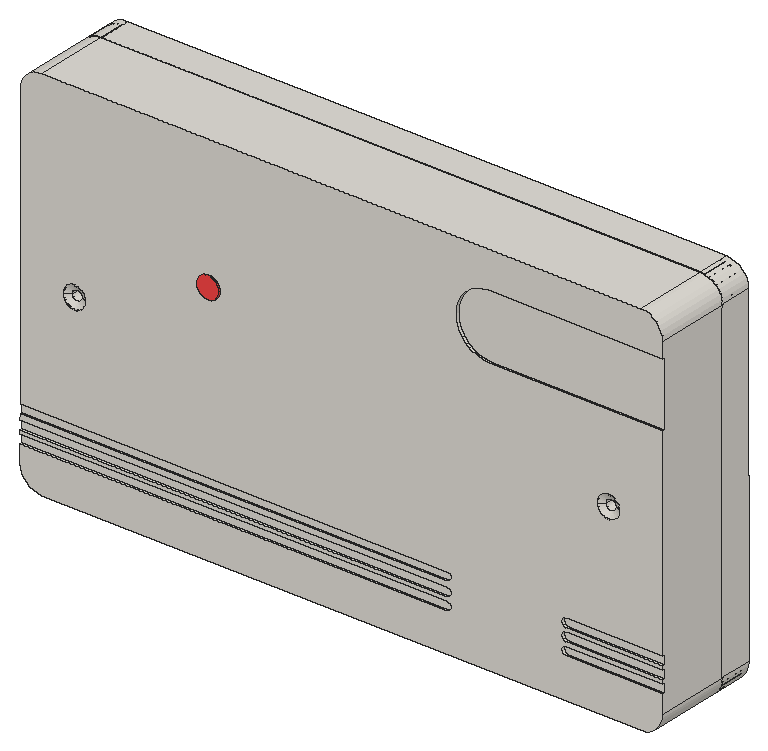
Revit family "TYCO-FPP-Zettler-SIO800 Single inputoutput module", category Electrical Fixtures, Revit 2014
Parameters (values of type "TYCO-FPP-Zettler-SIO800 Single inputoutput module")
  Wire Size = "Min 1.5mm2"
  Width = 85 mm  # constant formula
  Voltage = "2A @ 24V dc"
  URL = "https://tycosafetyproducts-anz.com/public/Datasheet/17a03sio.pdf"
  Type Comments = "SIO800 can switch up to 2A @ 24V dc"
  Storage Temperature = "-40o to +80oC"
  Standby current = "0.3mA"
  Rear cover = yes
  PCB = PCB
  Operating Temperature = "-25o to +70oC"
  Operating Humidity = "Up to 95% non condensing"
  Model = "Zettler- 555.800.063"
  Manufacturer = "Tyco"
  Length = 65 mm  # constant formula
  Keynote = "It consists of an input for monitoring\r\nthe status of a normally open contact and a single\r\nchangeover relay contact."
  Front cover = yes
  EOL = "3k3"
  Description = "The SIO800 Single Input/Output Module is designed\r\nto provide a monitored input and a volt free relay\r\nchangeover output."
  Alarm resistor = "680Ω"
  Alarm current = "3mA"
Reference planes
  plane 1 "Center (Front/Back)": y = 0
  plane 2: z = 0
  plane 3 "Center (Left/Right)": x = 0
  plane 4: z = -32.5
  plane 5: z = 32.5
  plane 6: x = -42.5
  plane 7: x = 42.5
Forms (mm)
  Extrusion 1, solid, material "PCB" <- "PCB", detail levels fine
    sketch origin (0, 0, 0) x (1, 0, 0) y (0, 0, 1)
      loop
        line (-42.5, 32.5) -> (-42.5, -32.5) -> (42.5, -32.5) -> (42.5, 32.5) -> (-42.5, 32.5)
      loop
        circle (22.367, 15.508) r 2.763
      loop
        circle (22.367, -15.508) r 2.763
      loop
        circle (-22.367, 15.508) r 2.763
      loop
        circle (-22.367, -15.508) r 2.763
      loop
        circle (38.77, 28.824) r 1.191
      loop
        circle (38.77, -28.824) r 1.191
      loop
        circle (-38.77, 14.969) r 1.191
      loop
        circle (-38.77, -28.824) r 1.191
    from 0 to -0.44
  Extrusion 2, solid, material "STT", detail levels fine
    sketch origin (-42.5, 0, 29.721) x (0, 0, 1) y (0, 1, 0)
      loop
        line (1.87, 0) -> (-7.694, 0) -> (-7.694, -1.923) -> (-5.216, -4.401) -> (-0.129, -4.401) -> (1.87, -1.546) -> (1.87, 0)
    from -16.201 to -37.325
  Extrusion 3, solid, material "ST", detail levels fine
    sketch origin (-42.5, -0.079, 22.028) x (-1, 0, 0) y (0, 1, 0)
      loop
        line (-16.694, -1.68) -> (-19.96, -1.68) -> (-19.96, -3.885) -> (-16.694, -3.885) -> (-16.694, -1.68)
      loop
        line (-22.286, -1.68) -> (-25.551, -1.68) -> (-25.551, -3.885) -> (-22.286, -3.885) -> (-22.286, -1.68)
      loop
        line (-27.744, -1.68) -> (-31.009, -1.68) -> (-31.009, -3.885) -> (-27.744, -3.885) -> (-27.744, -1.68)
      loop
        line (-33.335, -1.68) -> (-36.601, -1.68) -> (-36.601, -3.885) -> (-33.335, -3.885) -> (-33.335, -1.68)
    from -2.477 to -0.508
  Extrusion 4, solid, material "ST", detail levels fine
    sketch origin (-42.5, -4.307, 29.658) x (0, 0.819152, 0.573576) y (-1, 0, 0)
      loop
        circle (1.861, -18.018) r 1.302
      loop
        circle (1.861, -23.761) r 1.302
      loop
        circle (1.861, -29.154) r 1.302
      loop
        circle (1.861, -35.027) r 1.302
    from -0.394 to 0.404
  Extrusion 5, solid, material "STT", detail levels fine
    sketch origin (0, 0, 0) x (0, 1, 0) y (0, 0, 1)
      loop
        line (0, 31.591) -> (-1.546, 31.591) -> (-4.401, 29.592) -> (-4.401, 24.505) -> (-1.923, 22.028) -> (0, 22.028) -> (0, 31.591)
    from 5.187 to 31.11
  Extrusion 6, solid, material "ST", detail levels fine
    sketch origin (0, -0.079, 22.028) x (-1, 0, 0) y (0, 1, 0)
      loop
        line (-5.736, -3.959) -> (-5.736, -1.845) -> (-9.725, -1.845) -> (-9.725, -3.959) -> (-5.736, -3.959)
      loop
        line (-10.736, -3.959) -> (-10.736, -1.845) -> (-14.725, -1.845) -> (-14.725, -3.959) -> (-10.736, -3.959)
      loop
        line (-15.736, -3.959) -> (-15.736, -1.845) -> (-19.725, -1.845) -> (-19.725, -3.959) -> (-15.736, -3.959)
      loop
        line (-21.225, -3.959) -> (-21.225, -1.845) -> (-25.214, -1.845) -> (-25.214, -3.959) -> (-21.225, -3.959)
      loop
        line (-26.225, -3.959) -> (-26.225, -1.845) -> (-30.214, -1.845) -> (-30.214, -3.959) -> (-26.225, -3.959)
    from -0.508 to -2.477
  Extrusion 7, solid, material "ST", detail levels fine
    sketch origin (0, -4.307, 29.658) x (0, 0.819152, 0.573576) y (-1, 0, 0)
      loop
        circle (1.843, -7.363) r 1.329
      loop
        circle (1.843, -12.642) r 1.329
      loop
        circle (1.843, -17.475) r 1.329
      loop
        circle (1.843, -23.019) r 1.329
      loop
        circle (1.843, -28.019) r 1.329
    from -0.633 to 0.682
  Extrusion 8, solid, material "RS", detail levels fine
    sketch origin (0, 0, 0) x (1, 0, 0) y (0, 0, 1)
      loop
        line (31.11, -10.958) -> (41.323, -10.958) -> (41.323, 9.042) -> (31.11, 9.042) -> (31.11, -10.958)
    from 0 to 3.416
  Extrusion 9, solid, material "RSS", detail levels fine
    sketch origin (0, 0, 0) x (1, 0, 0) y (0, 0, 1)
      loop
        circle (37.542, -14.868) r 3
    from 0 to 9.022
  Extrusion 10, solid, detail levels fine
    sketch origin (0, -9.022, 0) x (1, 0, 0) y (0, 0, 1)
      loop
        circle (37.517, -14.913) r 1.751
    from -0.839 to 0.016
  Extrusion 11, solid, material "RSS", detail levels fine
    sketch origin (0, 0, 0) x (1, 0, 0) y (0, 0, 1)
      loop
        arc (-3.323, 19.552) -> (-3.677, 19.406) -> (-3.823, 19.052) r 0.5
        line (-3.823, 19.052) -> (-3.823, 14.143)
        arc (-3.823, 14.143) -> (-3.677, 13.79) -> (-3.323, 13.643) r 0.5
        line (-3.323, 13.643) -> (6.181, 13.643)
        arc (6.181, 13.643) -> (6.535, 13.79) -> (6.681, 14.143) r 0.5
        line (6.681, 14.143) -> (6.681, 19.052)
        arc (6.681, 19.052) -> (6.535, 19.406) -> (6.181, 19.552) r 0.5
        line (6.181, 19.552) -> (-3.323, 19.552)
    from 0 to 2.789
  Extrusion 12, solid, material "RSS", detail levels fine
    sketch origin (0, 0, 0) x (1, 0, 0) y (0, 0, 1)
      loop
        line (-3.311, 19.552) -> (6.069, 19.552) -> (6.069, 20.352)
        arc (6.069, 20.352) -> (5.453, 20.642) -> (4.837, 20.352) r 0.799
        line (4.837, 20.352) -> (4.031, 20.352)
        arc (4.031, 20.352) -> (3.416, 20.642) -> (2.8, 20.352) r 0.799
        line (2.8, 20.352) -> (1.994, 20.352)
        arc (1.994, 20.352) -> (1.379, 20.642) -> (0.763, 20.352) r 0.799
        line (0.763, 20.352) -> (-0.043, 20.352)
        arc (-0.043, 20.352) -> (-0.658, 20.642) -> (-1.274, 20.352) r 0.799
        line (-1.274, 20.352) -> (-2.08, 20.352)
        arc (-2.08, 20.352) -> (-2.696, 20.642) -> (-3.311, 20.352) r 0.799
        line (-3.311, 20.352) -> (-3.311, 19.552)
      loop
        line (-3.311, 13.643) -> (-3.311, 12.843)
        arc (-3.311, 12.843) -> (-2.696, 12.554) -> (-2.08, 12.843) r 0.799
        line (-2.08, 12.843) -> (-1.274, 12.843)
        arc (-1.274, 12.843) -> (-0.658, 12.554) -> (-0.043, 12.843) r 0.799
        line (-0.043, 12.843) -> (0.763, 12.843)
        arc (0.763, 12.843) -> (1.379, 12.554) -> (1.994, 12.843) r 0.799
        line (1.994, 12.843) -> (2.8, 12.843)
        arc (2.8, 12.843) -> (3.416, 12.554) -> (4.031, 12.843) r 0.799
        line (4.031, 12.843) -> (4.837, 12.843)
        arc (4.837, 12.843) -> (5.453, 12.554) -> (6.069, 12.843) r 0.799
        line (6.069, 12.843) -> (6.069, 13.643) -> (-3.311, 13.643)
    from 0 to 1.421
  Extrusion 13, solid, material "RED", detail levels fine
    sketch origin (0, 0, 0) x (1, 0, 0) y (0, 0, 1)
      loop
        circle (0, -20.503) r 1.426
    from 0 to 0.241
Cuts and joins
  joined: Extrusion 3, Extrusion 4, Extrusion 6, Extrusion 7
  joined: Extrusion 2, Extrusion 5
  joined: Extrusion 9, Extrusion 11
Lines and regions (mm)
  model lines, detail levels fine
    curve 1: line (32.075, 0, 24.143) -> (35.021, 0, 21.196)
    curve 2: line (35.021, 0, 21.196) -> (35.021, 0, 9.559)
    curve 3: line (32.493, 0, 24.573) -> (35.621, 0, 21.445)
    curve 4: line (35.621, 0, 21.445) -> (35.621, 0, 9.559)
    curve 5: line (17.183, 0, 19.719) -> (17.183, 0, 15.494)
    curve 6: line (17.183, 0, 15.494) -> (11.247, 0, 9.559)
    curve 7: line (11.247, 0, 9.559) -> (11.247, 0, -9.315)
    curve 8: line (11.247, 0, -9.315) -> (6.957, 0, -13.606)
    curve 9: line (6.957, 0, -13.606) -> (6.957, 0, -21.912)
    curve 10: line (16.583, 0, 19.719) -> (16.583, 0, 15.743)
    curve 11: line (16.583, 0, 15.743) -> (10.647, 0, 9.807)
    curve 12: line (10.647, 0, 9.807) -> (10.647, 0, -9.066)
    curve 13: line (10.647, 0, -9.066) -> (6.357, 0, -13.357)
    curve 14: line (6.357, 0, -13.357) -> (6.357, 0, -21.912)
    curve 15: line (12.78, 0, 16.417) -> (6.357, 0, 9.994)
    curve 16: line (6.357, 0, 9.994) -> (6.357, 0, -7.302)
    curve 17: line (6.357, 0, -7.302) -> (2.821, 0, -10.838)
    curve 18: line (2.821, 0, -10.838) -> (-4.842, 0, -10.838)
    curve 19: line (12.317, 0, 16.803) -> (5.757, 0, 10.243)
    curve 20: line (5.757, 0, 10.243) -> (5.757, 0, -7.054)
    curve 21: line (5.757, 0, -7.054) -> (2.573, 0, -10.238)
    curve 22: line (2.573, 0, -10.238) -> (-4.842, 0, -10.238)
    curve 23: line (8.888, 0, 2.063) -> (8.888, 0, -8.565)
    curve 24: line (8.888, 0, -8.565) -> (1.228, 0, -14.993)
    curve 25: line (1.228, 0, -14.993) -> (-11.555, 0, -14.993)
    curve 26: line (8.288, 0, 2.063) -> (8.288, 0, -8.285)
    curve 27: line (8.288, 0, -8.285) -> (1.01, 0, -14.393)
    curve 28: line (1.01, 0, -14.393) -> (-11.555, 0, -14.393)
    curve 29: line (-36.718, 0, 9.559) -> (-31.263, 0, 4.103)
    curve 30: line (-31.263, 0, 4.103) -> (-13.236, 0, 4.103)
    curve 31: line (-13.236, 0, 4.103) -> (-13.236, 0, -5.897)
    curve 32: line (-36.294, 0, 9.983) -> (-31.014, 0, 4.703)
    curve 33: line (-31.014, 0, 4.703) -> (-12.636, 0, 4.703)
    curve 34: line (-12.636, 0, 4.703) -> (-12.636, 0, -5.897)
    curve 35: line (-38.236, 0, 4.103) -> (-32.649, 0, -1.484)
    curve 36: line (-32.649, 0, -1.484) -> (-32.649, 0, -16.484)
    curve 37: line (-37.812, 0, 4.528) -> (-32.049, 0, -1.235)
    curve 38: line (-32.049, 0, -1.235) -> (-32.049, 0, -16.484)
    curve 39: line (-35.746, 0, -5.897) -> (-35.746, 0, -20.897)
    curve 40: line (-35.746, 0, -20.897) -> (-32.049, 0, -24.594)
    curve 41: line (-32.049, 0, -24.594) -> (-23.754, 0, -24.594)
    curve 42: line (-35.146, 0, -5.897) -> (-35.146, 0, -20.648)
    curve 43: line (-35.146, 0, -20.648) -> (-31.8, 0, -23.994)
    curve 44: line (-31.8, 0, -23.994) -> (-23.701, 0, -23.994)
    curve 45: circle (-36.744, 0, 10.159) r 0.781 normal (0, -1, 0)
    curve 46: circle (-38.385, 0, 4.832) r 0.877 normal (0, -1, 0)
    curve 47: circle (-12.898, 0, -6.876) r 0.885 normal (0, -1, 0)
    curve 48: circle (-35.462, 0, -5.542) r 0.787 normal (0, -1, 0)
    curve 49: circle (-22.916, 0, -24.246) r 0.824 normal (0, -1, 0)
    curve 50: circle (-32.36, 0, -17.092) r 0.824 normal (0, -1, 0)
    curve 51: circle (-12.549, 0, -14.64) r 0.862 normal (0, -1, 0)
    curve 52: circle (-5.489, 0, -10.531) r 0.915 normal (0, -1, 0)
    curve 53: line (6.061, 0, -23.589) -> (7.327, 0, -23.589)
    curve 54: line (6.061, 0, -21.912) -> (6.061, 0, -23.589)
    curve 55: line (7.327, 0, -21.912) -> (6.061, 0, -21.912)
    curve 56: line (7.327, 0, -23.589) -> (7.327, 0, -21.912)
    curve 57: line (8.288, 0, 3.426) -> (9.451, 0, 3.426)
    curve 58: line (8.288, 0, 2.063) -> (8.288, 0, 3.426)
    curve 59: line (9.451, 0, 2.063) -> (8.288, 0, 2.063)
    curve 60: line (9.451, 0, 3.426) -> (9.451, 0, 2.063)
    curve 61: line (16.583, 0, 20.763) -> (17.438, 0, 20.763)
    curve 62: line (16.583, 0, 19.719) -> (16.583, 0, 20.763)
    curve 63: line (17.438, 0, 19.719) -> (16.583, 0, 19.719)
    curve 64: line (17.438, 0, 20.763) -> (17.438, 0, 19.719)
    curve 65: line (12.317, 0, 16.417) -> (13.641, 0, 16.417)
    curve 66: line (12.317, 0, 17.546) -> (12.317, 0, 16.417)
    curve 67: line (13.641, 0, 17.546) -> (12.317, 0, 17.546)
    curve 68: line (13.641, 0, 16.417) -> (13.641, 0, 17.546)
    curve 69: line (32.493, 0, 24.143) -> (31.618, 0, 24.143)
    curve 70: line (32.493, 0, 26.421) -> (32.493, 0, 24.143)
    curve 71: line (31.618, 0, 26.421) -> (32.493, 0, 26.421)
    curve 72: line (31.618, 0, 24.143) -> (31.618, 0, 26.421)
    curve 73: line (34.678, 0, 9.042) -> (36.228, 0, 9.042)
    curve 74: line (34.678, 0, 9.933) -> (34.678, 0, 9.042)
    curve 75: line (36.228, 0, 9.933) -> (34.678, 0, 9.933)
    curve 76: line (36.228, 0, 9.042) -> (36.228, 0, 9.933)
  model lines, detail levels coarse+medium
    curve 77: line (-42.5, 0, 32.5) -> (42.5, 0, 32.5)
    curve 78: line (-42.5, 0, -32.5) -> (-42.5, 0, 32.5)
    curve 79: line (42.5, 0, -32.5) -> (-42.5, 0, -32.5)
    curve 80: line (42.5, 0, 32.5) -> (42.5, 0, -32.5)
Dimensions and locks
  equal spacing: plane 5, plane 2, plane 4
  "Length": plane 5 to plane 4
  equal spacing: plane 7, plane 3 "Center (Left/Right)", plane 6
  "Width": plane 7 to plane 6
  aligned and locked: level to plane 2
  aligned and locked: plane 5 to Extrusion 1 sketch curve
  aligned and locked: plane 6 to Extrusion 1 sketch curve
  aligned and locked: plane 4 to Extrusion 1 sketch curve
  aligned and locked: Extrusion 1 sketch curve to plane 7
  aligned and locked: Extrusion 8 to plane 1 "Center (Front/Back)"
  aligned and locked: Extrusion 9 to plane 1 "Center (Front/Back)"
  aligned and locked: Extrusion 11 to plane 1 "Center (Front/Back)"
  aligned and locked: plane 5 to curve 77
  aligned and locked: curve 80 to plane 7
  aligned and locked: plane 4 to curve 79
  aligned and locked: plane 6 to curve 78
  aligned and locked: plane 1 "Center (Front/Back)" to nested 1
  aligned and locked: plane 3 "Center (Left/Right)" to nested 1
  aligned and locked: plane 2 to nested 1
  aligned and locked: nested 2 to Extrusion 1
  aligned and locked: plane 3 "Center (Left/Right)" to nested 2
  aligned and locked: plane 2 to nested 2
Automatic sketch dimensions
  plane 6 to Extrusion 1 sketch curve = 3.73 mm  (x2)
  plane 6 to Extrusion 1 sketch curve = 20.133 mm  (x2)
  Extrusion 1 sketch curve to plane 7 = 20.133 mm  (x2)
  Extrusion 1 sketch curve to plane 7 = 3.73 mm  (x2)
  plane 4 to Extrusion 1 sketch curve = 3.676 mm  (x2)
  Extrusion 1 sketch curve to level = 15.508 mm  (x2)
  level to Extrusion 1 sketch curve = 15.508 mm  (x2)
  plane 5 to Extrusion 1 sketch curve = 3.676 mm
  plane 5 to Extrusion 1 sketch curve = 17.531 mm
  Extrusion 2 sketch curve to Extrusion 1 = 0 mm
  Extrusion 1 to Extrusion 2 sketch curve = 10.472 mm
  Extrusion 2 sketch curve to Extrusion 2 sketch curve = 2.477 mm  (x2)
  Extrusion 1 to Extrusion 2 sketch curve = 2.908 mm
  Extrusion 1 to Extrusion 2 sketch curve = 0.909 mm
  Extrusion 2 sketch curve to Extrusion 1 = 1.546 mm
  Extrusion 2 sketch curve to Extrusion 1 = 1.923 mm
  Extrusion 2 to Extrusion 3 sketch curve = 0.165 mm  (x4)
  Extrusion 3 sketch curve to Extrusion 2 = 0.724 mm
  Extrusion 3 sketch curve to Extrusion 3 sketch curve = 3.266 mm  (x3)
  Extrusion 3 sketch curve to Extrusion 3 sketch curve = 2.326 mm  (x2)
  Extrusion 3 sketch curve to Extrusion 3 sketch curve = 2.192 mm
  Extrusion 3 sketch curve to Extrusion 2 = 0.493 mm
  Extrusion 3 sketch curve to Extrusion 2 = 2.04 mm  (x4)
  Extrusion 4 sketch curve to Extrusion 2 = 1.51 mm  (x4)
  Extrusion 2 to Extrusion 4 sketch curve = 2.298 mm
  Extrusion 4 sketch curve to Extrusion 4 sketch curve = 5.873 mm
  Extrusion 4 sketch curve to Extrusion 4 sketch curve = 5.393 mm
  Extrusion 2 to Extrusion 4 sketch curve = 1.817 mm
  Extrusion 5 sketch curve to plane 1 "Center (Front/Back)" = 0 mm
  plane 1 "Center (Front/Back)" to Extrusion 5 sketch curve = 1.546 mm
  plane 1 "Center (Front/Back)" to Extrusion 5 sketch curve = 1.923 mm
  Extrusion 5 sketch curve to Extrusion 5 sketch curve = 2.477 mm  (x2)
  plane 5 to Extrusion 5 sketch curve = 10.472 mm
  plane 5 to Extrusion 5 sketch curve = 2.908 mm
  plane 5 to Extrusion 5 sketch curve = 0.909 mm
  Extrusion 5 to Extrusion 6 sketch curve = 0 mm  (x5)
  Extrusion 6 sketch curve to Extrusion 5 = 0.896 mm
  Extrusion 6 sketch curve to Extrusion 6 sketch curve = 3.989 mm  (x4)
  Extrusion 6 sketch curve to Extrusion 6 sketch curve = 1.011 mm  (x3)
  Extrusion 6 sketch curve to Extrusion 6 sketch curve = 1.499 mm
  Extrusion 6 sketch curve to Extrusion 5 = 0.549 mm
  Extrusion 6 sketch curve to Extrusion 6 sketch curve = 2.115 mm
  Extrusion 6 sketch curve to Extrusion 6 sketch curve = 0 mm  (x4)
  Extrusion 5 to Extrusion 7 sketch curve = 1.528 mm  (x5)
  Extrusion 5 to Extrusion 7 sketch curve = 3.091 mm
  Extrusion 7 sketch curve to Extrusion 7 sketch curve = 5 mm
  Extrusion 7 sketch curve to Extrusion 7 sketch curve = 5.544 mm
  Extrusion 7 sketch curve to Extrusion 7 sketch curve = 4.834 mm
  Extrusion 5 to Extrusion 7 sketch curve = 2.177 mm
  Extrusion 8 sketch curve to Extrusion 1 = 11.39 mm
  Extrusion 8 sketch curve to Extrusion 1 = 1.177 mm
  Extrusion 8 sketch curve to Extrusion 1 = 21.542 mm
  Extrusion 8 sketch curve to Extrusion 8 sketch curve = 20 mm
  Extrusion 9 sketch curve to Extrusion 1 = 4.958 mm
  Extrusion 9 sketch curve to Extrusion 1 = 17.632 mm
  Extrusion 11 sketch curve to plane 3 "Center (Left/Right)" = 3.823 mm
  Extrusion 11 sketch curve to Extrusion 11 sketch curve = 0.5 mm  (x3)
  plane 3 "Center (Left/Right)" to Extrusion 11 sketch curve = 6.181 mm
  Extrusion 11 sketch curve to Extrusion 11 sketch curve = 0 mm
  level to Extrusion 11 sketch curve = 13.643 mm
  Extrusion 11 sketch curve to Extrusion 11 sketch curve = 4.909 mm
  Extrusion 12 sketch curve to Extrusion 1 = 12.148 mm
  Extrusion 12 sketch curve to Extrusion 1 = 39.189 mm
  Extrusion 12 sketch curve to Extrusion 12 sketch curve = 0 mm  (x4)
  Extrusion 12 sketch curve to Extrusion 12 sketch curve = 0.616 mm  (x20)
  Extrusion 12 sketch curve to Extrusion 12 sketch curve = 0.805 mm  (x8)
  Extrusion 12 sketch curve to Extrusion 12 sketch curve = 0.509 mm  (x6)
  Extrusion 12 sketch curve to Extrusion 12 sketch curve = 0.291 mm  (x3)
  Extrusion 12 sketch curve to Extrusion 12 sketch curve = 5.909 mm
  Extrusion 13 sketch curve to Extrusion 1 = 11.997 mm
  Extrusion 13 sketch curve to Extrusion 1 = 42.5 mm
  plane 6 to curve 46 = 4.115 mm
  curve 46 to curve 45 = 1.64 mm
  plane 6 to curve 39 = 6.754 mm
  curve 39 to curve 48 = 0.284 mm
  curve 39 to curve 42 = 0.6 mm
  curve 35 to level = 1.484 mm
  curve 48 to curve 35 = 2.814 mm
  curve 36 to curve 50 = 0.288 mm
  curve 42 to curve 40 = 3.097 mm
  curve 35 to curve 38 = 0.6 mm
  curve 40 to curve 43 = 0.249 mm
  curve 37 to curve 30 = 0.786 mm
  curve 29 to curve 33 = 0.249 mm
  curve 43 to curve 49 = 8.884 mm
  level to curve 30 = 4.103 mm
  curve 30 to plane 3 "Center (Left/Right)" = 13.236 mm
  curve 31 to curve 47 = 0.337 mm
  curve 30 to curve 34 = 0.6 mm
  curve 47 to curve 51 = 0.349 mm
  curve 52 to plane 3 "Center (Left/Right)" = 5.489 mm
  plane 3 "Center (Left/Right)" to curve 27 = 1.01 mm
  curve 27 to curve 24 = 0.218 mm
  plane 3 "Center (Left/Right)" to curve 21 = 2.573 mm
  curve 21 to curve 18 = 0.249 mm
  plane 3 "Center (Left/Right)" to curve 19 = 5.757 mm
  plane 3 "Center (Left/Right)" to curve 55 = 6.061 mm
  curve 17 to curve 14 = 3.536 mm
  curve 20 to curve 16 = 0.6 mm
  curve 13 to curve 9 = 0.6 mm
  curve 9 to curve 55 = 0.37 mm
  curve 15 to curve 58 = 1.932 mm
  curve 26 to curve 23 = 0.6 mm
  curve 57 to curve 57 = 1.162 mm
  curve 23 to curve 12 = 1.759 mm
  curve 11 to curve 7 = 0.6 mm
  curve 11 to curve 67 = 1.669 mm
  curve 65 to curve 68 = 1.324 mm
  curve 65 to curve 10 = 2.942 mm
  curve 10 to curve 6 = 0.6 mm
  curve 5 to curve 64 = 0.255 mm
  curve 72 to plane 7 = 10.882 mm
  curve 71 to curve 70 = 0.875 mm
  curve 75 to plane 7 = 7.822 mm
  curve 69 to curve 2 = 2.528 mm
  curve 1 to curve 3 = 0.6 mm
  curve 4 to curve 76 = 0.606 mm
  curve 48 to curve 35 = 4.058 mm
  curve 47 to level = 6.876 mm
  curve 21 to level = 7.054 mm
  curve 16 to curve 20 = 0.249 mm
  curve 26 to curve 16 = 0.983 mm
  curve 24 to curve 26 = 0.28 mm
  curve 13 to curve 23 = 0.501 mm
  curve 8 to curve 12 = 0.249 mm
  curve 21 to curve 20 = 3.184 mm
  curve 52 to curve 22 = 0.293 mm
  curve 18 to curve 21 = 0.6 mm
  curve 14 to curve 17 = 2.519 mm
  curve 9 to curve 13 = 0.249 mm
  curve 27 to curve 17 = 3.555 mm
  curve 51 to curve 28 = 0.247 mm
  curve 24 to curve 27 = 0.6 mm
  curve 50 to curve 48 = 11.551 mm
  curve 43 to curve 50 = 3.556 mm
  curve 39 to curve 42 = 0.249 mm
  curve 55 to curve 8 = 8.306 mm
  curve 53 to curve 55 = 1.677 mm
  curve 44 to curve 42 = 3.346 mm
  curve 49 to curve 44 = 0.252 mm
  curve 40 to curve 43 = 0.6 mm
  curve 35 to curve 38 = 0.249 mm
  level to curve 59 = 2.063 mm
  curve 26 to curve 58 = 1.363 mm
  curve 30 to curve 33 = 0.6 mm
  level to curve 46 = 4.832 mm
  level to curve 76 = 9.042 mm
  curve 57 to curve 7 = 6.133 mm
  curve 6 to curve 12 = 0.249 mm
  curve 73 to curve 74 = 0.891 mm
  curve 11 to curve 16 = 0.187 mm
  curve 46 to curve 45 = 5.327 mm
  curve 15 to curve 19 = 0.249 mm
  curve 6 to curve 6 = 5.936 mm
  curve 5 to curve 10 = 0.249 mm
  curve 10 to curve 68 = 0.675 mm
  curve 65 to curve 67 = 1.129 mm
  curve 10 to curve 63 = 3.976 mm
  curve 10 to curve 61 = 1.044 mm
  curve 74 to curve 1 = 11.263 mm
  curve 1 to curve 3 = 0.249 mm
  curve 1 to curve 72 = 2.947 mm
  curve 69 to curve 70 = 2.278 mm
  curve 46 to curve 35 = 0.149 mm
  curve 35 to curve 37 = 0.424 mm  (x2)
  curve 45 to curve 29 = 0.026 mm
  curve 45 to curve 32 = 0.45 mm
  curve 41 to curve 49 = 0.838 mm
  curve 41 to curve 44 = 0.053 mm
  curve 51 to curve 28 = 0.994 mm
  curve 28 to curve 25 = 0 mm
  curve 52 to curve 18 = 0.647 mm
  curve 22 to curve 18 = 0 mm
  curve 65 to curve 15 = 0.463 mm
  curve 1 to curve 69 = 0.418 mm
  curve 47 to curve 34 = 0.979 mm
  curve 31 to curve 34 = 0 mm
  curve 39 to curve 48 = 0.355 mm
  curve 42 to curve 48 = 0.355 mm
  curve 50 to curve 36 = 0.608 mm
  curve 38 to curve 36 = 0 mm
  curve 35 to curve 46 = 0.729 mm
  curve 2 to curve 74 = 0.374 mm
  curve 29 to curve 45 = 0.601 mm
  curve 4 to curve 2 = 0 mm
  curve 32 to curve 45 = 0.176 mm
  curve 65 to curve 19 = 0.385 mm
  curve 69 to curve 3 = 0.43 mm
  radius of Extrusion 1 sketch curve = 2.763 mm  (x4)
  radius of Extrusion 1 sketch curve = 1.191 mm  (x4)
  radius of Extrusion 4 sketch curve = 1.302 mm  (x4)
  radius of Extrusion 7 sketch curve = 1.329 mm  (x5)
  radius of Extrusion 9 sketch curve = 3 mm
  radius of Extrusion 10 sketch curve = 1.751 mm
  radius of Extrusion 13 sketch curve = 1.426 mm
  radius of curve 45 = 0.781 mm
  radius of curve 46 = 0.877 mm
  radius of curve 47 = 0.885 mm
  radius of curve 48 = 0.787 mm
  radius of curve 50 = 0.824 mm
  radius of curve 51 = 0.862 mm
  radius of curve 52 = 0.915 mm
Nested families
  nested 1: "517.035.007" at (0, 0, 0), visible <- "Front cover", type "517.035.007 cover", detail levels fine
    with Front Cover yes
  nested 2: "517.035.010 rear cover" at (0, -5.925, -7.5), visible <- "Rear cover", type "517.035.010 back box", detail levels fine
    with Rear cover yes
Connectors
  electrical at (0, 0.44, 0)
    settings: on Extrusion 1, index 1, voltage 24 V, apparent load 0 VA, apparent load phase1 0 VA, apparent load phase2 0 VA, apparent load phase3 0 VA, power factor 1, load classification "Other", number of poles 1, system type 31, power factor state 1, is connector primary yes, connector utility no, sub classification motor no, connector description ""
Definition of nested family "517.035.007"
  Parameters (values of type "517.035.007 cover")
    X = 2 mm
    W = 148 mm
    Type Comments = "M520 Ancillary cover for use with 800 series modules.\r\nWill fit onto a MK style double gang back box."
    Model = "517.035.007"
    Material = Cover
    Manufacturer = "Tyco"
    L = 87 mm
    Front Cover [instance] = yes
    Description = "M520 Ancillary Cover"
    D = 23 mm
  Reference planes
    plane 1 "Center (Front/Back)": y = 0
    plane 2: z = 0
    plane 3 "Center (Left/Right)": x = 0
    plane 4: x = -74
    plane 5: x = 74
    plane 6: x = 61.5
    plane 7: z = 43.5
    plane 8: z = -43.5
    plane 9: y = -23
  Forms (mm)
    Extrusion 1, solid, material "Cover" <- "Material", visible <- "Front Cover", detail levels fine
      sketch origin (0, -23.027, 0) x (1, 0, 0) y (0, 0, 1)
        loop
          arc (-69, 43.5) -> (-72.536, 42.036) -> (-74, 38.5) r 5
          line (-74, 38.5) -> (-74, -38.5)
          arc (-74, -38.5) -> (-72.536, -42.036) -> (-69, -43.5) r 5
          line (-69, -43.5) -> (69, -43.5)
          arc (69, -43.5) -> (72.536, -42.036) -> (74, -38.5) r 5
          line (74, -38.5) -> (74, 38.5)
          arc (74, 38.5) -> (72.536, 42.036) -> (69, 43.5) r 5
          line (69, 43.5) -> (-69, 43.5)
      from -23 to 0
    Extrusion 2, void
      sketch origin (0, -23.027, 0) x (-1, 0, 0) y (0, 0, 1)
        loop
          line (74, -26.396) -> (-24.324, -26.396)
          arc (-24.324, -26.396) -> (-25.324, -27.396) -> (-24.324, -28.396) r 1
          line (-24.324, -28.396) -> (74, -28.396) -> (74, -26.396)
        loop
          line (74, -29.671) -> (-24.324, -29.671)
          arc (-24.324, -29.671) -> (-25.324, -30.671) -> (-24.324, -31.671) r 1
          line (-24.324, -31.671) -> (74, -31.671) -> (74, -29.671)
        loop
          line (74, -32.583) -> (-24.324, -32.583)
          arc (-24.324, -32.583) -> (-25.324, -33.583) -> (-24.324, -34.583) r 1
          line (-24.324, -34.583) -> (74, -34.583) -> (74, -32.583)
        loop
          line (-51.834, -26.396) -> (-74, -26.396) -> (-74, -28.396) -> (-51.834, -28.396)
          arc (-51.834, -28.396) -> (-50.834, -27.396) -> (-51.834, -26.396) r 1
        loop
          line (-51.834, -29.305) -> (-74, -29.305) -> (-74, -31.305) -> (-51.834, -31.305)
          arc (-51.834, -31.305) -> (-50.834, -30.305) -> (-51.834, -29.305) r 1
        loop
          line (-51.834, -32.254) -> (-74, -32.254) -> (-74, -34.254) -> (-51.834, -34.254)
          arc (-51.834, -34.254) -> (-50.834, -33.254) -> (-51.834, -32.254) r 1
        loop
          line (-74, 34.995) -> (-74, 19.995) -> (-34, 19.995)
          arc (-34, 19.995) -> (-26.5, 27.495) -> (-34, 34.995) r 7.5
          line (-34, 34.995) -> (-74, 34.995)
      from 0 to 0.563
    Revolve 3, void
      sketch origin (0, -23.027, 0) x (0, -1, 0) y (1, 0, 0)
        loop
          line (-3.575, 61.5) -> (0, 61.5) -> (0, 64.045) -> (-0.836, 62.678) -> (-3.575, 62.678) -> (-3.575, 61.5)
        axis (-3.575, 61.5) -> (0, 61.5)
      angle from 0 to 360
    Extrusion 4, solid, material "LED RED", detail levels fine
      sketch origin (0, -23.027, 0) x (1, 0, 0) y (0, 0, 1)
        loop
          circle (-30.624, 12.978) r 2.558
      from -1.293 to 0.174
    Extrusion 5, void
      sketch origin (-94.576, -0.027, -4572) x (1, 0, 0) y (0, 0, -1)
        loop
          line (26.703, -4612.567) -> (162.316, -4612.567)
          arc (162.316, -4612.567) -> (164.664, -4611.594) -> (165.637, -4609.246) r 3.321
          line (165.637, -4609.246) -> (165.637, -4534.612)
          arc (165.637, -4534.612) -> (164.589, -4532.082) -> (162.058, -4531.033) r 3.578
          line (162.058, -4531.033) -> (27.05, -4531.033)
          arc (27.05, -4531.033) -> (24.499, -4532.09) -> (23.442, -4534.641) r 3.608
          line (23.442, -4534.641) -> (23.442, -4609.306)
          arc (23.442, -4609.306) -> (24.397, -4611.612) -> (26.703, -4612.567) r 3.261
      from 0 to -19.425
    Revolve 6, void
      sketch origin (0, -23.027, 0) x (0, 1, 0) y (-1, 0, 0)
        loop
          line (3.575, 61.5) -> (3.575, 62.678) -> (0.836, 62.678) -> (0, 64.045) -> (0, 61.5) -> (3.575, 61.5)
        axis (3.575, 61.5) -> (0, 61.5)
      angle from 0 to 360
  Cuts and joins
    Extrusion 2, Revolve 3, Extrusion 5, Revolve 6 cuts Extrusion 1
  Dimensions and locks
    equal spacing: plane 4, plane 3 "Center (Left/Right)", plane 5
    "W": plane 4 to plane 5
    locked: plane 5 to plane 6 at 12.5
    equal spacing: plane 7, level, plane 8
    "L": plane 7 to plane 8
    "D": plane 9 to plane 1 "Center (Front/Back)"
    aligned and locked: plane 2 to level
    aligned and locked: Extrusion 1 to Extrusion 5
    aligned and locked: Extrusion 1 sketch curve to plane 7
    aligned and locked: plane 4 to Extrusion 1 sketch curve
    aligned and locked: Extrusion 1 sketch curve to plane 8
    aligned and locked: Extrusion 1 to Extrusion 2
  Automatic sketch dimensions
    plane 5 to Extrusion 1 sketch curve = 0 mm
    plane 4 to Extrusion 1 sketch curve = 5 mm  (x2)
    plane 5 to Extrusion 1 sketch curve = 5 mm
    Extrusion 1 sketch curve to Extrusion 1 sketch curve = 5 mm
    plane 5 to Extrusion 2 sketch curve = 0 mm  (x4)
    Extrusion 2 sketch curve to plane 4 = 0 mm  (x3)
    Extrusion 2 sketch curve to plane 6 = 9.666 mm
    Extrusion 2 sketch curve to Extrusion 2 sketch curve = 0 mm  (x4)
    Extrusion 2 sketch curve to plane 6 = 27.5 mm
    Extrusion 2 sketch curve to plane 8 = 9.917 mm
    plane 3 "Center (Left/Right)" to Extrusion 2 sketch curve = 24.324 mm
    Extrusion 2 sketch curve to plane 8 = 9.246 mm
    Extrusion 2 sketch curve to plane 8 = 8.917 mm
    Extrusion 2 sketch curve to Extrusion 2 sketch curve = 1 mm  (x5)
    Extrusion 2 sketch curve to Extrusion 2 sketch curve = 0.912 mm
    Extrusion 2 sketch curve to Extrusion 2 sketch curve = 0.95 mm
    Extrusion 2 sketch curve to Extrusion 2 sketch curve = 0.908 mm
    Extrusion 2 sketch curve to Extrusion 2 sketch curve = 1.275 mm
    level to Extrusion 2 sketch curve = 19.995 mm
    Extrusion 2 sketch curve to Extrusion 2 sketch curve = 7.5 mm
    Revolve 3 sketch curve to plane 6 = 0 mm  (x2)
    plane 1 "Center (Front/Back)" to Revolve 3 sketch curve = 19.452 mm
    plane 6 to Revolve 3 sketch curve = 1.178 mm
    Revolve 3 sketch curve to Revolve 3 sketch curve = 2.739 mm
    plane 6 to Revolve 3 sketch curve = 2.545 mm
    Revolve 3 sketch curve to Revolve 3 sketch curve = 0.836 mm
    Revolve 3 sketch curve to Revolve 3 sketch curve = 0.558 mm
    Revolve 3 sketch curve to Revolve 3 sketch curve = 1.62 mm
    Extrusion 4 sketch curve to Extrusion 1 = 43.376 mm
    Extrusion 4 sketch curve to Extrusion 1 = 30.522 mm
    plane 4 to Extrusion 5 sketch curve = 2.867 mm
    Extrusion 5 sketch curve to plane 7 = 2.933 mm
    Extrusion 5 sketch curve to Extrusion 5 sketch curve = 3.261 mm
    Extrusion 5 sketch curve to plane 8 = 2.533 mm
    Extrusion 5 sketch curve to Extrusion 5 sketch curve = 3.608 mm
    plane 6 to Extrusion 5 sketch curve = 5.983 mm
    plane 6 to Extrusion 5 sketch curve = 6.24 mm
    plane 5 to Extrusion 5 sketch curve = 2.939 mm
    plane 1 "Center (Front/Back)" to Revolve 6 sketch curve = 23.027 mm
    Revolve 6 sketch curve to Revolve 6 sketch curve = 0.836 mm
    Revolve 6 sketch curve to Revolve 6 sketch curve = 2.739 mm
    plane 4 to Revolve 6 sketch curve = 12.5 mm
    Revolve 6 sketch curve to Revolve 6 sketch curve = 1.178 mm
    Revolve 6 sketch curve to Revolve 6 sketch curve = 1.367 mm
    Revolve 6 sketch curve to Revolve 6 sketch curve = 1.62 mm
    Revolve 6 sketch curve to Revolve 6 sketch curve = 0.558 mm
    Revolve 6 sketch curve to Revolve 6 sketch curve = 0 mm
    radius of Extrusion 4 sketch curve = 2.558 mm
Definition of nested family "517.035.010 rear cover"
  Parameters (values of type "517.035.010 back box")
    W = 148 mm
    URL = "http://tfppemea.com/en/_layouts/fsassets/Docs/Detection_FireClass/UK%20FireClass%20CATALOGUE%20(LR).pdf"
    Type Comments = "K2142 White plastic surface mount MK backbox for use\r\nwith 800 Series addressable ancillaries using 517.035.007\r\ncover."
    Rear cover [instance] = yes
    Model = "517.035.010\r\n517.035.010"
    Manufacturer = "Tyco"
    L = 87 mm
    Finish = rear cover
    Description = "K2142 White Plastic Surface Mount MK\r\nbackbox"
  Reference planes
    plane 1 "Center (Front/Back)": y = 0
    plane 2: z = 0
    plane 3 "Center (Left/Right)": x = 0
    plane 4: x = -74
    plane 5: x = 74
    plane 6: z = 7.5
  Forms (mm)
    Extrusion 1, solid, material "rear cover" <- "Finish", visible <- "Rear cover", detail levels fine
      sketch origin (0, 7.5, 7.5) x (1, 0, 0) y (0, 0, 1)
        loop
          arc (-69, 43.5) -> (-72.536, 42.036) -> (-74, 38.5) r 5
          line (-74, 38.5) -> (-74, -38.5)
          arc (-74, -38.5) -> (-72.536, -42.036) -> (-69, -43.5) r 5
          line (-69, -43.5) -> (69, -43.5)
          arc (69, -43.5) -> (72.536, -42.036) -> (74, -38.5) r 5
          line (74, -38.5) -> (74, 38.5)
          arc (74, 38.5) -> (72.536, 42.036) -> (69, 43.5) r 5
          line (69, 43.5) -> (-69, 43.5)
      from 0 to 7.5
    Extrusion 2, void
      sketch origin (0, 0, 0) x (-1, 0, 0) y (0, 0, 1)
        loop
          line (71.151, 48.985) -> (-71.802, 48.985) -> (-71.802, -33.613) -> (71.151, -33.613) -> (71.151, 48.985)
        loop
          circle (-61, 7.5) r 1.229
        loop
          circle (-61, 7.5) r 2.2
        loop
          circle (61, 7.5) r 1.229
        loop
          circle (61, 7.5) r 2.2
      from 0 to 6.364
  Cuts and joins
    Extrusion 2 cuts Extrusion 1
  Dimensions and locks
    equal spacing: plane 4, plane 3 "Center (Left/Right)", plane 5
    "W": plane 4 to plane 5
    plane 6 to plane 2 = 7.5 mm
    aligned and locked: plane 2 to level
    aligned and locked: Extrusion 1 sketch curve to plane 4
    aligned and locked: Extrusion 1 sketch curve to plane 5
  Automatic sketch dimensions
    Extrusion 1 sketch curve to plane 4 = 5 mm
    Extrusion 1 sketch curve to Extrusion 1 sketch curve = 5 mm
    Extrusion 1 sketch curve to plane 5 = 5 mm  (x2)
    Extrusion 1 sketch curve to level = 36 mm
    plane 6 to Extrusion 1 sketch curve = 38.5 mm
    Extrusion 2 sketch curve to Extrusion 2 sketch curve = 0 mm  (x4)
    Extrusion 2 sketch curve to plane 6 = 0 mm  (x2)
    Extrusion 2 sketch curve to plane 5 = 2.198 mm
    Extrusion 2 sketch curve to plane 5 = 13 mm
    Extrusion 2 sketch curve to plane 4 = 13 mm
    Extrusion 2 sketch curve to plane 4 = 2.849 mm
    Extrusion 2 sketch curve to level = 33.613 mm
    plane 6 to Extrusion 2 sketch curve = 41.485 mm
    radius of Extrusion 2 sketch curve = 1.229 mm  (x2)
    radius of Extrusion 2 sketch curve = 2.2 mm  (x2)
